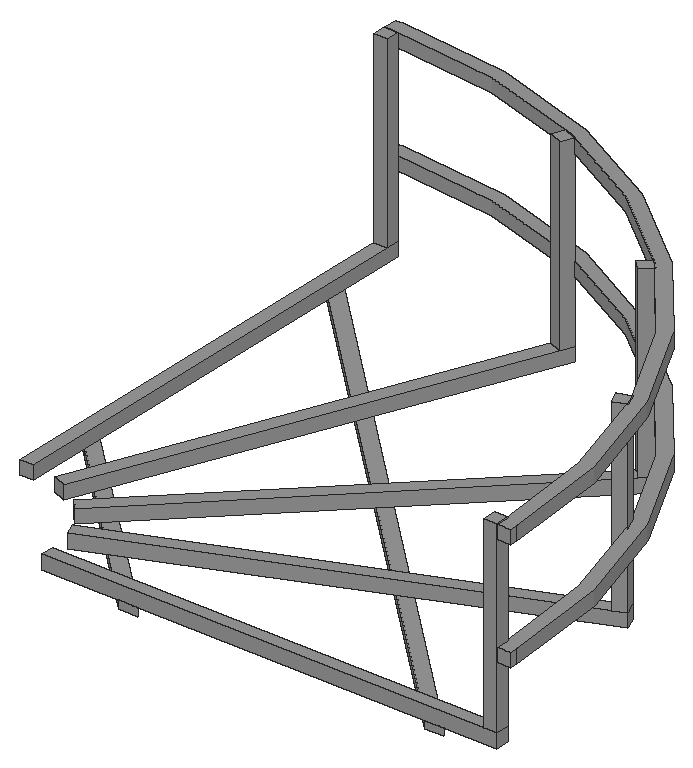
Revit family "Gitterinnen-Systeme_Gitterrinnenbogen 90°_GRB90515", category Generic Models, Revit 2015
Parameters (values of type "GRB 90 515 G")
  URL = "http://obo-bettermann.com"
  Material = Steel, Galvanized
  Manufacturer Art. No. = "6001998"
  Manufacturer = "OBO Bettermann"
  GTIN = "4012196027248"
  Article Type = "GRB 90 515 G"
Types (3, lengths in mm): name | Material | Manufacturer Art. No. | GTIN | Article Type
  (no name) | Steel, Galvanized | "6001998" | "4012196027248" | "GRB 90 515 G"
  GRB 90 515 G | Steel, Galvanized | "6001998" | "4012196027248" | "GRB 90 515 G"
  GRB 90 515 FT | Steel | "6002222" | "4012196624799" | "GRB 90 515 FT"
Reference planes
  plane 1 "Center (Front/Back)": y = 0
  plane 2: z = 0
  plane 3 "Center (Left/Right)": x = 0
  plane 4: through (0, 0, 1200) normal (-0.7071, 0.7071, 0)
  plane 5: y = 1.9
  plane 6: y = -1.9
  plane 7: x = 1.9
  plane 8: x = -1.9
  plane 9: through (12.438, 15.125, 1200) normal (-0.7071, 0.7071, 0)
  plane 10: through (15.125, 12.438, 1200) normal (-0.7071, 0.7071, 0)
  plane 11: z = 2.2
  plane 12: z = 6
  plane 13: z = 58
  plane 14: z = 54.2
  plane 15: z = 27.4
  plane 16: z = 23.6
  plane 17: through (-14.222, 64.427, 1200) normal (0.7071, 0.7071, 0)
  plane 18: through (-12.879, 65.771, 1200) normal (0.7071, 0.7071, 0)
  plane 19: through (-15.566, 63.084, 1200) normal (0.7071, 0.7071, 0)
  plane 20: through (0, 0, 1200) normal (-0.3827, 0.9239, 0)
  plane 21: through (0, 0, 1200) normal (-0.9239, 0.3827, 0)
  plane 22: through (23.11, 7.516, 1200) normal (-0.3827, 0.9239, 0)
  plane 23: through (21.656, 11.027, 1200) normal (-0.3827, 0.9239, 0)
  plane 24: through (11.585, 22.719, 1200) normal (-0.9239, 0.3827, 0)
  plane 25: through (38.479, 98.347, 1200) normal (0.9239, -0.3827, 0)
  plane 26: through (-10.262, 145.32, 1200) normal (0.7071, 0.7071, 0)
  plane 27: through (-11.606, 143.976, 1200) normal (0.7071, 0.7071, 0)
  plane 28: through (-8.919, 146.663, 1200) normal (0.7071, 0.7071, 0)
Forms (mm)
  Extrusion 1, solid, material "Steel, Galvanized" <- "Material"
    sketch origin (0, 0, 0) x (1, 0, 0) y (0, 1, 0)
      loop
        line (-1.9, 139.644) -> (-1.9, 134.27) -> (134.27, -1.9) -> (139.644, -1.9) -> (-1.9, 139.644)
      loop
        line (1.9, 50.992) -> (-1.9, 54.792) -> (-1.9, 49.418) -> (1.9, 45.618) -> (45.618, 1.9) -> (49.418, -1.9) -> (54.792, -1.9) -> (50.992, 1.9) -> (1.9, 50.992)
    from 0 to 2.2
  Extrusion 2, solid, material "Steel, Galvanized" <- "Material"
    sketch origin (0, 0, 0) x (1, 0, 0) y (0, 1, 0)
      loop
        line (1.9, 27.935) -> (1.9, 154.5) -> (-1.9, 154.5) -> (-1.9, 27.935) -> (1.9, 27.935)
      loop
        line (8.758, 26.595) -> (12.541, 25.028) -> (60.975, 141.958) -> (57.192, 143.525) -> (8.758, 26.595)
      loop
        line (18.41, 21.097) -> (21.097, 18.41) -> (110.583, 107.896) -> (107.896, 110.583) -> (18.41, 21.097)
      loop
        line (25.082, 12.446) -> (26.536, 8.935) -> (143.456, 57.365) -> (142.001, 60.875) -> (25.082, 12.446)
      loop
        line (27.935, 1.9) -> (27.935, -1.9) -> (154.5, -1.9) -> (154.5, 1.9) -> (27.935, 1.9)
    from 2.2 to 6
  Extrusion 3, solid, material "Steel, Galvanized" <- "Material"
    sketch origin (0, 0, 0) x (1, 0, 0) y (0, 1, 0)
      loop
        line (150.7, 1.9) -> (150.7, -1.9) -> (154.5, -1.9) -> (154.5, 1.9) -> (150.7, 1.9)
      loop
        line (143.456, 57.365) -> (142.001, 60.875) -> (138.491, 59.421) -> (139.945, 55.911) -> (143.456, 57.365)
      loop
        line (110.583, 107.896) -> (107.896, 110.583) -> (105.209, 107.896) -> (107.896, 105.209) -> (110.583, 107.896)
      loop
        line (60.975, 141.958) -> (57.192, 143.525) -> (55.738, 140.014) -> (59.521, 138.447) -> (60.975, 141.958)
      loop
        line (1.9, 154.5) -> (-1.9, 154.5) -> (-1.9, 150.7) -> (1.9, 150.7) -> (1.9, 154.5)
    from 6 to 58
  Extrusion 4, solid, material "Steel, Galvanized" <- "Material"
    sketch origin (0, 0, 0) x (1, 0, 0) y (0, 1, 0)
      loop
        arc (158.3, 0) -> (111.935, 111.935) -> (0, 158.3) r 158.3
        line (0, 158.3) -> (-1.9, 158.3) -> (-1.9, 154.5) -> (0, 154.5)
        arc (0, 154.5) -> (109.248, 109.248) -> (154.5, 0) r 154.5
        line (154.5, 0) -> (154.5, -1.9) -> (158.3, -1.9) -> (158.3, 0)
    from 23.6 to 27.4
  Extrusion 5, solid, material "Steel, Galvanized" <- "Material"
    sketch origin (0, 0, 0) x (1, 0, 0) y (0, 1, 0)
      loop
        arc (0, 154.5) -> (109.248, 109.248) -> (154.5, 0) r 154.5
        line (154.5, 0) -> (154.5, -1.9) -> (158.3, -1.9) -> (158.3, 0)
        arc (158.3, 0) -> (111.935, 111.935) -> (0, 158.3) r 158.3
        line (0, 158.3) -> (-1.9, 158.3) -> (-1.9, 154.5) -> (0, 154.5)
    from 54.2 to 58
Lines and regions (mm)
  reference lines
    curve 1: arc (154.5, 0, 0) -> (109.248, 109.248, 0) -> (0, 154.5, 0) r 154.5
    curve 2: arc (158.3, 0, 0) -> (111.935, 111.935, 0) -> (0, 158.3, 0) r 158.3
    curve 3: arc (28, 0, 0) -> (19.799, 19.799, 0) -> (0, 28, 0) r 28
  model lines
    curve 4: line (-1.9, 158.3, 0) -> (-1.9, 27.935, 0)
    curve 5: line (-1.9, 27.935, 0) -> (1.9, 27.935, 0)
    curve 6: line (1.9, 27.935, 0) -> (1.9, 154.488, 0)
    curve 7: line (18.41, 21.097, 0) -> (107.896, 110.583, 0)
    curve 8: line (21.097, 18.41, 0) -> (110.583, 107.896, 0)
    curve 9: arc (21.097, 18.41, 0) -> (19.799, 19.799, 0) -> (18.41, 21.097, 0) r 28
    curve 10: line (27.935, 1.9, 0) -> (27.935, -1.9, 0)
    curve 11: line (27.935, -1.9, 0) -> (158.688, -1.9, 0)
    curve 12: line (154.488, 1.9, 0) -> (27.935, 1.9, 0)
    curve 13: line (1.9, 50.992, 0) -> (50.992, 1.9, 0)
    curve 14: line (50.992, 1.9, 0) -> (45.618, 1.9, 0)
    curve 15: line (45.618, 1.9, 0) -> (1.9, 45.618, 0)
    curve 16: line (1.9, 45.618, 0) -> (1.9, 50.992, 0)
    curve 17: line (158.3, 0, 0) -> (158.3, -1.9, 0)
    curve 18: line (154.5, 0, 0) -> (154.5, -1.9, 0)
    curve 19: line (143.456, 57.365, 0) -> (26.536, 8.935, 0)
    curve 20: line (26.536, 8.935, 0) -> (25.082, 12.446, 0)
    curve 21: line (25.082, 12.446, 0) -> (142.001, 60.875, 0)
    curve 22: line (12.541, 25.028, 0) -> (60.975, 141.958, 0)
    curve 23: line (57.192, 143.525, 0) -> (8.758, 26.595, 0)
    curve 24: line (8.758, 26.595, 0) -> (12.541, 25.028, 0)
    curve 25: line (0, 158.3, 0) -> (-1.9, 158.3, 0)
    curve 26: line (0, 154.5, 0) -> (-1.9, 154.5, 0)
    curve 27: line (1.9, 150.7, 0) -> (-1.9, 150.7, 0)
    curve 28: line (59.521, 138.447, 0) -> (55.738, 140.014, 0)
    curve 29: line (57.192, 143.525, 0) -> (60.975, 141.958, 0)
    curve 30: line (107.896, 110.583, 0) -> (110.583, 107.896, 0)
    curve 31: line (105.209, 107.896, 0) -> (107.896, 105.209, 0)
    curve 32: line (142.001, 60.875, 0) -> (143.456, 57.365, 0)
    curve 33: line (138.491, 59.421, 0) -> (139.945, 55.911, 0)
    curve 34: line (150.7, 1.9, 0) -> (150.7, -1.9, 0)
    curve 35: line (-1.9, 139.644, 0) -> (139.644, -1.9, 0)
    curve 36: line (134.27, -1.9, 0) -> (-1.9, 134.27, 0)
Dimensions and locks
  equal spacing: plane 8, plane 3 "Center (Left/Right)", plane 7
  locked: plane 8 to plane 7 at 3.8
  equal spacing: plane 5, plane 1 "Center (Front/Back)", plane 6
  locked: plane 5 to plane 6 at 3.8
  locked: level to plane 11 at 2.2
  locked: plane 11 to plane 12 at 3.8
  locked: level to plane 13 at 58
  plane 14 to plane 13 = 3.8 mm
  locked: plane 16 to plane 15 at 3.8
  locked: level to plane 15 at 27.4
  locked: plane 17 to plane 4 at 35.5
  locked: plane 26 to plane 17 at 60
  locked: plane 1 "Center (Front/Back)" to plane 4 (angle 45.00°)
  locked: plane 1 "Center (Front/Back)" to plane 20 (angle 22.50°)
  locked: plane 21 to plane 3 "Center (Left/Right)" (angle 22.50°)
  aligned and locked: level to plane 2
  aligned and locked: curve 4 to plane 8
  aligned and locked: plane 7 to curve 5
  aligned and locked: curve 7 to plane 9
  aligned and locked: curve 8 to plane 10
  aligned and locked: curve 11 to plane 6
  aligned and locked: curve 12 to plane 5
  aligned and locked: curve 13 to plane 18
  aligned and locked: plane 19 to curve 15
  aligned and locked: Extrusion 1 sketch curve to curve 35
  aligned and locked: Extrusion 1 sketch curve to curve 36
  aligned and locked: Extrusion 1 sketch curve to curve 11
  aligned and locked: Extrusion 1 sketch curve to curve 13
  aligned and locked: Extrusion 1 sketch curve to curve 15
  aligned and locked: Extrusion 1 to level
  aligned and locked: plane 11 to Extrusion 1
  aligned and locked: Extrusion 2 to plane 11
  aligned and locked: plane 12 to Extrusion 2
  aligned and locked: Extrusion 3 to plane 12
  aligned and locked: plane 13 to Extrusion 3
  aligned and locked: Extrusion 4 to plane 16
  aligned and locked: plane 15 to Extrusion 4
  aligned and locked: Extrusion 5 to plane 14
  aligned and locked: plane 13 to Extrusion 5
Automatic sketch dimensions
  curve 1 to curve 2 = 0 mm  (x2)
  curve 1 to curve 3 = 0 mm  (x2)
  plane 1 "Center (Front/Back)" to curve 1 = 0 mm
  curve 1 to plane 3 "Center (Left/Right)" = 0 mm
  curve 3 to plane 7 = 26.1 mm
  curve 1 to curve 2 = 3.8 mm
  curve 3 to curve 1 = 126.5 mm
  curve 25 to plane 3 "Center (Left/Right)" = 0 mm
  curve 26 to plane 3 "Center (Left/Right)" = 0 mm
  plane 1 "Center (Front/Back)" to curve 9 = 0 mm
  curve 9 to plane 3 "Center (Left/Right)" = 0 mm
  curve 16 to plane 7 = 0 mm
  plane 25 to curve 24 = 0 mm
  curve 24 to plane 24 = 0 mm
  curve 20 to plane 23 = 0 mm
  curve 19 to plane 22 = 0 mm
  curve 14 to plane 5 = 0 mm
  curve 14 to plane 18 = 0 mm
  plane 25 to curve 28 = 0 mm
  curve 36 to plane 27 = 0 mm  (x2)
  curve 33 to plane 23 = 0 mm
  curve 35 to plane 28 = 0 mm  (x2)
  plane 1 "Center (Front/Back)" to curve 18 = 0 mm
  plane 1 "Center (Front/Back)" to curve 17 = 0 mm
  curve 16 to plane 19 = 0 mm
  curve 16 to plane 18 = 0 mm
  curve 24 to plane 7 = 6.858 mm
  curve 22 to curve 7 = 5.868 mm
  plane 5 to curve 20 = 10.546 mm
  curve 19 to curve 12 = 1.399 mm
  curve 23 to plane 7 = 55.292 mm
  curve 22 to curve 7 = 46.921 mm
  plane 5 to curve 32 = 58.975 mm
  curve 23 to curve 5 = 1.34 mm
  curve 35 to curve 25 = 18.656 mm
  curve 28 to curve 23 = 1.454 mm
  curve 31 to curve 7 = 2.687 mm
  plane 5 to curve 33 = 57.521 mm
  curve 35 to curve 34 = 11.056 mm
  curve 34 to curve 12 = 3.788 mm
  curve 12 to curve 18 = 0.012 mm
  curve 18 to curve 17 = 3.8 mm
  curve 17 to curve 11 = 0.388 mm
  curve 27 to curve 4 = 7.6 mm
  curve 27 to curve 6 = 3.788 mm
  curve 27 to curve 26 = 3.8 mm
  Extrusion 1 sketch curve to plane 8 = 0 mm  (x2)
  Extrusion 1 sketch curve to plane 7 = 0 mm  (x2)
  Extrusion 1 sketch curve to plane 5 = 0 mm  (x2)
  Extrusion 1 sketch curve to plane 6 = 0 mm
  Extrusion 1 sketch curve to plane 19 = 0 mm  (x2)
  Extrusion 1 sketch curve to plane 18 = 0 mm  (x2)
  Extrusion 2 sketch curve to plane 8 = 0 mm
  Extrusion 2 sketch curve to plane 7 = 0 mm
  plane 25 to Extrusion 2 sketch curve = 0 mm  (x2)
  Extrusion 2 sketch curve to plane 24 = 0 mm
  Extrusion 2 sketch curve to plane 9 = 0 mm
  Extrusion 2 sketch curve to plane 10 = 0 mm
  Extrusion 2 sketch curve to plane 23 = 0 mm  (x2)
  Extrusion 2 sketch curve to plane 22 = 0 mm
  Extrusion 2 sketch curve to plane 6 = 0 mm
  Extrusion 2 sketch curve to plane 5 = 0 mm
  plane 9 to Extrusion 2 sketch curve = 0 mm
  Extrusion 2 sketch curve to plane 7 = 6.858 mm
  Extrusion 2 sketch curve to Extrusion 2 sketch curve = 5.868 mm
  plane 5 to Extrusion 2 sketch curve = 10.546 mm
  Extrusion 2 sketch curve to Extrusion 2 sketch curve = 1.399 mm
  Extrusion 2 sketch curve to plane 7 = 55.292 mm
  Extrusion 2 sketch curve to Extrusion 2 sketch curve = 46.921 mm
  plane 5 to Extrusion 2 sketch curve = 58.975 mm
  Extrusion 2 sketch curve to Extrusion 2 sketch curve = 11.044 mm
  Extrusion 2 sketch curve to Extrusion 2 sketch curve = 1.34 mm
  Extrusion 2 sketch curve to Extrusion 2 sketch curve = 10.975 mm
  Extrusion 3 sketch curve to plane 8 = 0 mm
  Extrusion 3 sketch curve to plane 7 = 0 mm
  plane 25 to Extrusion 3 sketch curve = 0 mm  (x2)
  plane 24 to Extrusion 3 sketch curve = 0 mm
  plane 9 to Extrusion 3 sketch curve = 0 mm  (x2)
  plane 10 to Extrusion 3 sketch curve = 0 mm
  Extrusion 3 sketch curve to plane 23 = 0 mm  (x2)
  plane 22 to Extrusion 3 sketch curve = 0 mm
  plane 5 to Extrusion 3 sketch curve = 0 mm
  plane 6 to Extrusion 3 sketch curve = 0 mm
  Extrusion 3 sketch curve to plane 7 = 53.838 mm
  Extrusion 3 sketch curve to Extrusion 3 sketch curve = 1.454 mm
  Extrusion 3 sketch curve to Extrusion 3 sketch curve = 45.688 mm
  Extrusion 3 sketch curve to Extrusion 3 sketch curve = 2.687 mm
  plane 5 to Extrusion 3 sketch curve = 57.521 mm
  plane 5 to Extrusion 3 sketch curve = 58.975 mm
  Extrusion 3 sketch curve to Extrusion 3 sketch curve = 10.755 mm
  Extrusion 3 sketch curve to Extrusion 3 sketch curve = 3.8 mm  (x2)
  Extrusion 3 sketch curve to Extrusion 3 sketch curve = 10.686 mm
  Extrusion 4 sketch curve to Extrusion 4 sketch curve = 0 mm  (x2)
  Extrusion 4 sketch curve to plane 8 = 0 mm
  Extrusion 4 sketch curve to plane 3 "Center (Left/Right)" = 0 mm
  plane 1 "Center (Front/Back)" to Extrusion 4 sketch curve = 0 mm
  plane 6 to Extrusion 4 sketch curve = 0 mm
  Extrusion 4 sketch curve to plane 7 = 152.6 mm
  Extrusion 4 sketch curve to Extrusion 4 sketch curve = 3.8 mm
  Extrusion 5 sketch curve to Extrusion 5 sketch curve = 0 mm  (x2)
  Extrusion 5 sketch curve to plane 8 = 0 mm
  Extrusion 5 sketch curve to plane 3 "Center (Left/Right)" = 0 mm
  plane 1 "Center (Front/Back)" to Extrusion 5 sketch curve = 0 mm
  plane 6 to Extrusion 5 sketch curve = 0 mm
  Extrusion 5 sketch curve to plane 7 = 152.6 mm
  Extrusion 5 sketch curve to Extrusion 5 sketch curve = 3.8 mm
